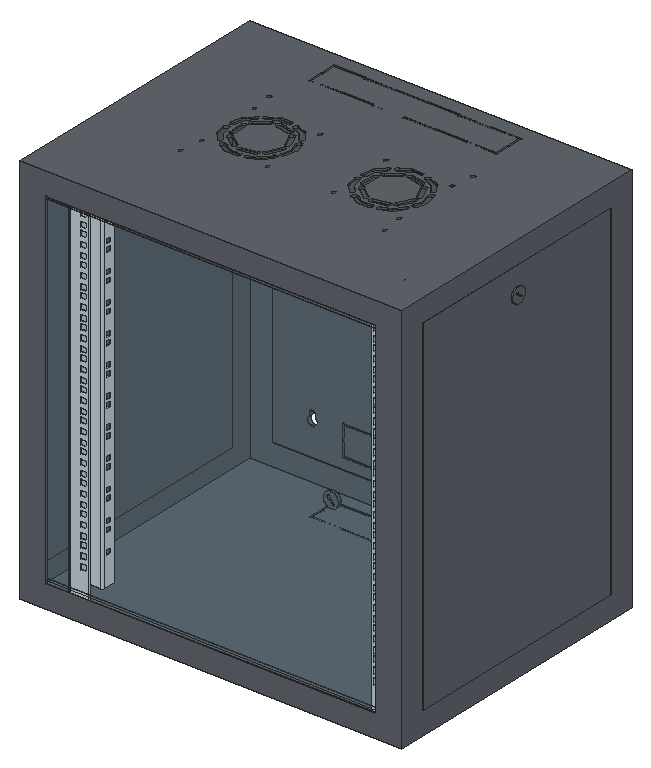
Revit family "Legrand Linkeo coffrets fixes avec panneaux latéraux amovilbles", category Equipement spécialisé, Revit 2020
Family settings
  Cote de connecteur circulaire = Utiliser le diamètre
  Type d'élément = Normal
  Numéro OmniClass = 23.80.30.11.17
  Titre OmniClass = Distribution Boards and Control Panels
  Basée sur le plan de construction = Non
  Toujours verticalement = Oui
  Couper avec des vides une fois chargée = Non
  Partagée = Oui
  Point de calcul de pièce = Non
Parameters (values of type "Coffret fixe Legrand Linkeo 12U W600 D450 Flatpack 646252.rfa")
  Type de montage = "Frontal"
  Type d'aération = "Passif"
  Référence Legrand = "646252"
  RAL = "7016"
  Passage utile en largeur (mm) = 527.00 mm
  Passage utile en hauteur (mm) = 555.00 mm
  Nombre de portes = "1"
  Nombre d'unités en hauteur = 12
  Modèle = "Corps fixe"
  Matériau = "Acier"
  Lien e-catalogue = "https://www.legrand.fr/reference/646252/pro"
  Libellé BIM = "Coffret fixe Legrand Linkeo 12U W600 D450 Flatpack 646252.rfa"
  Indice de protection IP = "IP20"
  Indice de protection IK = "IK08"
  Profondeur (mm) = 458.00 mm
  Largeur (mm) = 608.00 mm
  Hauteur (mm) = 625.00 mm
  Fonction = "Coffrets fixes Linkeo Legrand"
  Fixation Y = 419.00 mm
  Fixation X = 400.00 mm
  Finition du rail profilé = "En forme de L"
  Finition de surface = "Poudré"
  Epaisseur (mm) = 1.50 mm
  Emplacement de rack = 40.00 mm
  Elévation par défaut = 0.00 mm
  EAN = "3414970968036"
  Démontable = yes
  Dimension modulaire = "IDS_482.6_MM_19_POUCES"
  Couleur = IDS_GRIS
  Classe d'application = "Coffrets Legrand"
  Capacité de charge max = "36"
  Avec tôle de toit = yes
  Avec porte frontale = yes
  Avec parois latérales = yes
  Avec mise à la terre = yes
Reference planes
  plane 1 "Centre (avant/arrière)": y = 4
  plane 2: z = 0
  plane 3 "Centre (gauche/droite)": x = 0
  plane 4: x = 608
  plane 5: z = 625
  plane 6: y = -454
  plane 7: x = 40.5
  plane 8: x = 567.5
  plane 9: x = 304
  plane 10: z = 590
  plane 11: z = 35
  plane 12: z = 312.5
  plane 13: y = -452
  plane 14: x = 304
  plane 15: y = -444.5
  plane 16: y = 455.094
  plane 17: x = 1428.928
  plane 18: z = -485.313
  plane 19: x = 2466.566
  plane 20: z = 312.5
  plane 21: x = 302.5
  plane 22: z = 103
  plane 23: z = 522
  plane 24: x = 504
  plane 25: x = 104
  plane 26: x = 304
  plane 27: y = -414
  plane 28: x = 528
  plane 29: y = -412.5
  plane 30: x = 559.5
  plane 31: x = 561
  plane 32: y = -373.5
  plane 33: y = -372
  plane 34: x = 537.5
  plane 35: x = 539
  plane 36: y = -352
  plane 37: z = 46.65
  plane 38: z = 56.15
  plane 39: x = 531.5
  plane 40: x = 541
  plane 41: z = 78.4
  plane 42: z = 87.9
  plane 43: y = -358.486
  plane 44: y = -367.986
  plane 45: z = 72.03
  plane 46: z = 62.53
  plane 47: x = 77
  plane 48: y = -412.5
  plane 49: y = -373.5
  plane 50: y = -372
  plane 51: x = 67.5
  plane 52: x = 66
  plane 53: y = -352
  plane 54: z = 40
  plane 55: z = 590
  plane 56: z = 312.5
  plane 57: y = -454
  plane 58: y = -36
  plane 59: z = 35
  plane 60: y = -414
  plane 61 "Panneaux gauche": y = -410.5
  plane 62 "Panneaux droit": y = -39.5
  plane 63 "Panneaux haut": z = 588
  plane 64: z = 548
  plane 65: z = 548
  plane 66: y = -225
  plane 67: y = -225
  plane 68: y = -221
Forms (mm)
  Extrusion 1, solid, material "IDS_GRIS" <- "Couleur"
    sketch origin (0, 0, 0) x (0, 1, 0) y (0, 0, 1)
      loop
        line (-454, 0) -> (4, 0) -> (4, 625) -> (-454, 625) -> (-454, 0)
    from 0 to 608
  Extrusion 2, void
    sketch origin (0, 4, 0) x (1, 0, 0) y (0, 0, 1)
      loop
        line (2, 623) -> (2, 2) -> (606, 2) -> (606, 623) -> (2, 623)
    from 2 to 456
  Extrusion 3, void
    sketch origin (0, 4, 0) x (1, 0, 0) y (0, 0, 1)
      loop
        line (40.5, 590) -> (40.5, 35) -> (567.5, 35) -> (567.5, 590) -> (40.5, 590)
    from 0 to 458
  Extrusion 4, solid, material "Verre"
    sketch origin (0, 4, 0) x (1, 0, 0) y (0, 0, 1)
      loop
        line (40.5, 40) -> (567.5, 40) -> (567.5, 585) -> (40.5, 585) -> (40.5, 40)
    from 453 to 458
  Extrusion 5, solid, material "IDS_GRIS" <- "Couleur"
    sketch origin (0, 4, 0) x (1, 0, 0) y (0, 0, 1)
      loop
        line (40.5, 584.5) -> (40.5, 40) -> (567.5, 40) -> (567.5, 584.5) -> (40.5, 584.5)
    from 0 to 5
  Extrusion 6, void
    sketch origin (-365.695, -1524, 625) x (0, -1, 0) y (-1, 0, 0)
      loop
        line (-1350.513, -534.853) -> (-1358.354, -549.371)
        arc (-1358.354, -549.371) -> (-1358.749, -550.408) -> (-1358.863, -551.511) r 4.25
        line (-1358.863, -551.511) -> (-1358.394, -568.003)
        arc (-1358.394, -568.003) -> (-1354.026, -572.132) -> (-1349.897, -567.763) r 4.25
        line (-1349.897, -567.763) -> (-1350.334, -552.408) -> (-1343.033, -538.89)
        arc (-1343.033, -538.89) -> (-1344.755, -533.132) -> (-1350.513, -534.853) r 4.25
      loop
        line (-1354.904, -582.413) -> (-1348.443, -597.593)
        arc (-1348.443, -597.593) -> (-1347.879, -598.55) -> (-1347.086, -599.327) r 4.25
        line (-1347.086, -599.327) -> (-1333.9, -609.243)
        arc (-1333.9, -609.243) -> (-1327.948, -608.402) -> (-1328.79, -602.45) r 4.25
        line (-1328.79, -602.45) -> (-1341.067, -593.218) -> (-1347.082, -579.087)
        arc (-1347.082, -579.087) -> (-1352.657, -576.837) -> (-1354.904, -582.413) r 4.25
      loop
        line (-1346.169, -561.222) -> (-1341.018, -583.429)
        arc (-1341.018, -583.429) -> (-1335.919, -586.613) -> (-1332.738, -581.512) r 4.25
        line (-1332.738, -581.512) -> (-1337.889, -559.301)
        arc (-1337.889, -559.301) -> (-1342.989, -556.121) -> (-1346.169, -561.222) r 4.25
      loop
        line (-1331.58, -595.457) -> (-1311.006, -605.276)
        arc (-1311.006, -605.276) -> (-1305.336, -603.272) -> (-1307.347, -597.604) r 4.25
        line (-1307.347, -597.604) -> (-1327.918, -587.786)
        arc (-1327.918, -587.786) -> (-1333.585, -589.791) -> (-1331.58, -595.457) r 4.25
      loop
        line (-1303.383, -611.418) -> (-1318.185, -607.309)
        arc (-1318.185, -607.309) -> (-1323.416, -610.266) -> (-1320.461, -615.498) r 4.25
        line (-1320.461, -615.498) -> (-1304.557, -619.913)
        arc (-1304.557, -619.913) -> (-1303.461, -620.067) -> (-1302.362, -619.933) r 4.25
        line (-1302.362, -619.933) -> (-1286.384, -615.805)
        arc (-1286.384, -615.805) -> (-1283.332, -610.627) -> (-1288.51, -607.575) r 4.25
        line (-1288.51, -607.575) -> (-1303.383, -611.418)
      loop
        line (-1295.717, -605.396) -> (-1275.215, -595.434)
        arc (-1275.215, -595.434) -> (-1273.245, -589.752) -> (-1278.93, -587.789) r 4.25
        line (-1278.93, -587.789) -> (-1299.432, -597.751)
        arc (-1299.432, -597.751) -> (-1301.397, -603.431) -> (-1295.717, -605.396) r 4.25
      loop
        line (-1258.363, -597.811) -> (-1251.63, -582.747)
        arc (-1251.63, -582.747) -> (-1253.777, -577.132) -> (-1259.391, -579.283) r 4.25
        line (-1259.391, -579.283) -> (-1265.658, -593.302) -> (-1278.099, -602.313)
        arc (-1278.099, -602.313) -> (-1279.048, -608.248) -> (-1273.113, -609.197) r 4.25
        line (-1273.113, -609.197) -> (-1259.754, -599.522)
        arc (-1259.754, -599.522) -> (-1258.946, -598.758) -> (-1258.363, -597.811) r 4.25
      loop
        line (-1265.586, -583.55) -> (-1260.592, -561.312)
        arc (-1260.592, -561.312) -> (-1263.806, -556.231) -> (-1268.885, -559.448) r 4.25
        line (-1268.885, -559.448) -> (-1273.88, -581.692)
        arc (-1273.88, -581.692) -> (-1270.662, -586.771) -> (-1265.586, -583.55) r 4.25
      loop
        line (-1256.301, -552.513) -> (-1257.013, -567.863)
        arc (-1257.013, -567.863) -> (-1252.962, -572.301) -> (-1248.522, -568.252) r 4.25
        line (-1248.522, -568.252) -> (-1247.757, -551.774)
        arc (-1247.757, -551.774) -> (-1247.85, -550.666) -> (-1248.227, -549.621) r 4.25
        line (-1248.227, -549.621) -> (-1255.806, -534.964)
        arc (-1255.806, -534.964) -> (-1261.536, -533.142) -> (-1263.354, -538.873) r 4.25
        line (-1263.354, -538.873) -> (-1256.301, -552.513)
      loop
        line (-1263.875, -546.382) -> (-1278.15, -528.609)
        arc (-1278.15, -528.609) -> (-1284.127, -527.949) -> (-1284.782, -533.927) r 4.25
        line (-1284.782, -533.927) -> (-1270.506, -551.699)
        arc (-1270.506, -551.699) -> (-1264.532, -552.357) -> (-1263.875, -546.382) r 4.25
      loop
        line (-1265.201, -523.497) -> (-1277.606, -512.626)
        arc (-1277.606, -512.626) -> (-1278.527, -512.009) -> (-1279.576, -511.652) r 4.25
        line (-1279.576, -511.652) -> (-1295.774, -508.436)
        arc (-1295.774, -508.436) -> (-1300.766, -511.785) -> (-1297.416, -516.776) r 4.25
        line (-1297.416, -516.776) -> (-1282.356, -519.766) -> (-1270.803, -529.89)
        arc (-1270.803, -529.89) -> (-1264.806, -529.494) -> (-1265.201, -523.497) r 4.25
      loop
        line (-1310.597, -508.634) -> (-1326.831, -511.555)
        arc (-1326.831, -511.555) -> (-1327.888, -511.892) -> (-1328.821, -512.492) r 4.25
        line (-1328.821, -512.492) -> (-1341.424, -523.142)
        arc (-1341.424, -523.142) -> (-1341.927, -529.131) -> (-1335.938, -529.634) r 4.25
        line (-1335.938, -529.634) -> (-1324.205, -519.719) -> (-1309.084, -516.998)
        arc (-1309.084, -516.998) -> (-1305.657, -512.059) -> (-1310.597, -508.634) r 4.25
      loop
        line (-1291.875, -521.865) -> (-1314.672, -521.944)
        arc (-1314.672, -521.944) -> (-1318.91, -526.21) -> (-1314.64, -530.444) r 4.25
        line (-1314.64, -530.444) -> (-1291.846, -530.365)
        arc (-1291.846, -530.365) -> (-1287.611, -526.1) -> (-1291.875, -521.865) r 4.25
      loop
        line (-1328.501, -528.473) -> (-1342.652, -546.345)
        arc (-1342.652, -546.345) -> (-1341.958, -552.316) -> (-1335.988, -551.622) r 4.25
        line (-1335.988, -551.622) -> (-1321.835, -533.747)
        arc (-1321.835, -533.747) -> (-1322.53, -527.775) -> (-1328.501, -528.473) r 4.25
      loop
        line (-1248.227, -759.621) -> (-1255.806, -744.964)
        arc (-1255.806, -744.964) -> (-1261.535, -743.142) -> (-1263.354, -748.873) r 4.25
        line (-1263.354, -748.873) -> (-1256.301, -762.513) -> (-1257.013, -777.862)
        arc (-1257.013, -777.862) -> (-1252.962, -782.301) -> (-1248.522, -778.252) r 4.25
        line (-1248.522, -778.252) -> (-1247.757, -761.774)
        arc (-1247.757, -761.774) -> (-1247.85, -760.666) -> (-1248.227, -759.621) r 4.25
      loop
        line (-1258.363, -807.811) -> (-1251.63, -792.747)
        arc (-1251.63, -792.747) -> (-1253.777, -787.132) -> (-1259.391, -789.283) r 4.25
        line (-1259.391, -789.283) -> (-1265.658, -803.302) -> (-1278.099, -812.313)
        arc (-1278.099, -812.313) -> (-1279.048, -818.248) -> (-1273.113, -819.197) r 4.25
        line (-1273.113, -819.197) -> (-1259.75, -809.519)
        arc (-1259.75, -809.519) -> (-1258.944, -808.756) -> (-1258.363, -807.811) r 4.25
      loop
        line (-1288.506, -817.574) -> (-1303.383, -821.418) -> (-1318.185, -817.309)
        arc (-1318.185, -817.309) -> (-1323.416, -820.264) -> (-1320.464, -825.498) r 4.25
        line (-1320.464, -825.498) -> (-1304.567, -829.911)
        arc (-1304.567, -829.911) -> (-1303.467, -830.067) -> (-1302.365, -829.934) r 4.25
        line (-1302.365, -829.934) -> (-1286.38, -825.804)
        arc (-1286.38, -825.804) -> (-1283.332, -820.627) -> (-1288.506, -817.574) r 4.25
      loop
        line (-1328.79, -812.45) -> (-1341.067, -803.218) -> (-1347.082, -789.087)
        arc (-1347.082, -789.087) -> (-1352.657, -786.837) -> (-1354.904, -792.413) r 4.25
        line (-1354.904, -792.413) -> (-1348.442, -807.595)
        arc (-1348.442, -807.595) -> (-1347.878, -808.55) -> (-1347.086, -809.327) r 4.25
        line (-1347.086, -809.327) -> (-1333.898, -819.244)
        arc (-1333.898, -819.244) -> (-1327.947, -818.401) -> (-1328.79, -812.45) r 4.25
      loop
        line (-1353.399, -777.863) -> (-1353.663, -768.573) -> (-1343.034, -748.892)
        arc (-1343.034, -748.892) -> (-1344.753, -743.134) -> (-1350.511, -744.85) r 4.25
        line (-1350.511, -744.85) -> (-1358.355, -759.373)
        arc (-1358.355, -759.373) -> (-1358.749, -760.409) -> (-1358.863, -761.511) r 4.25
        line (-1358.863, -761.511) -> (-1358.394, -778.002)
        arc (-1358.394, -778.002) -> (-1355.827, -780.431) -> (-1353.399, -777.863) r 2.498
      loop
        line (-1335.935, -739.632) -> (-1324.205, -729.719) -> (-1309.086, -726.999)
        arc (-1309.086, -726.999) -> (-1305.656, -722.064) -> (-1310.589, -718.632) r 4.25
        line (-1310.589, -718.632) -> (-1326.828, -721.554)
        arc (-1326.828, -721.554) -> (-1327.886, -721.891) -> (-1328.821, -722.492) r 4.25
        line (-1328.821, -722.492) -> (-1341.422, -733.14)
        arc (-1341.422, -733.14) -> (-1341.927, -739.131) -> (-1335.935, -739.632) r 4.25
      loop
        line (-1297.423, -726.774) -> (-1282.356, -729.766) -> (-1270.8, -739.892)
        arc (-1270.8, -739.892) -> (-1264.805, -739.493) -> (-1265.201, -733.497) r 4.25
        line (-1265.201, -733.497) -> (-1277.608, -722.625)
        arc (-1277.608, -722.625) -> (-1278.53, -722.008) -> (-1279.581, -721.651) r 4.25
        line (-1279.581, -721.651) -> (-1295.768, -718.437)
        arc (-1295.768, -718.437) -> (-1300.764, -721.778) -> (-1297.423, -726.774) r 4.25
      loop
        line (-1284.782, -743.927) -> (-1270.506, -761.7)
        arc (-1270.506, -761.7) -> (-1264.532, -762.357) -> (-1263.875, -756.382) r 4.25
        line (-1263.875, -756.382) -> (-1278.152, -738.607)
        arc (-1278.152, -738.607) -> (-1284.128, -737.95) -> (-1284.782, -743.927) r 4.25
      loop
        line (-1268.885, -769.449) -> (-1273.88, -791.692)
        arc (-1273.88, -791.692) -> (-1270.662, -796.771) -> (-1265.586, -793.55) r 4.25
        line (-1265.586, -793.55) -> (-1260.591, -771.312)
        arc (-1260.591, -771.312) -> (-1263.806, -766.231) -> (-1268.885, -769.449) r 4.25
      loop
        line (-1278.93, -797.789) -> (-1299.438, -807.754)
        arc (-1299.438, -807.754) -> (-1301.396, -813.434) -> (-1295.717, -815.396) r 4.25
        line (-1295.717, -815.396) -> (-1275.21, -805.432)
        arc (-1275.21, -805.432) -> (-1273.246, -799.749) -> (-1278.93, -797.789) r 4.25
      loop
        line (-1291.875, -731.865) -> (-1314.671, -731.944)
        arc (-1314.671, -731.944) -> (-1318.91, -736.209) -> (-1314.641, -740.444) r 4.25
        line (-1314.641, -740.444) -> (-1291.846, -740.365)
        arc (-1291.846, -740.365) -> (-1287.611, -736.1) -> (-1291.875, -731.865) r 4.25
      loop
        line (-1328.502, -738.474) -> (-1342.652, -756.345)
        arc (-1342.652, -756.345) -> (-1341.958, -762.316) -> (-1335.988, -761.622) r 4.25
        line (-1335.988, -761.622) -> (-1321.835, -743.746)
        arc (-1321.835, -743.746) -> (-1322.531, -737.775) -> (-1328.502, -738.474) r 4.25
      loop
        line (-1346.169, -771.222) -> (-1341.019, -793.428)
        arc (-1341.019, -793.428) -> (-1335.92, -796.613) -> (-1332.738, -791.512) r 4.25
        line (-1332.738, -791.512) -> (-1337.889, -769.301)
        arc (-1337.889, -769.301) -> (-1342.989, -766.121) -> (-1346.169, -771.222) r 4.25
      loop
        line (-1331.58, -805.457) -> (-1311.005, -815.277)
        arc (-1311.005, -815.277) -> (-1305.337, -813.274) -> (-1307.342, -807.607) r 4.25
        line (-1307.342, -807.607) -> (-1327.912, -797.789)
        arc (-1327.912, -797.789) -> (-1333.583, -799.788) -> (-1331.58, -805.457) r 4.25
      loop
        circle (-1391.328, -505.695) r 2.75
      loop
        circle (-1355.83, -510.693) r 2.75
      loop
        circle (-1250.829, -510.693) r 2.75
      loop
        circle (-1215.328, -505.695) r 2.75
      loop
        circle (-1250.828, -615.695) r 2.75
      loop
        circle (-1355.828, -615.695) r 2.75
      loop
        circle (-1355.83, -720.693) r 2.75
      loop
        circle (-1250.828, -720.695) r 2.75
      loop
        circle (-1250.828, -825.695) r 2.75
      loop
        circle (-1215.328, -830.695) r 2.75
      loop
        circle (-1355.828, -825.695) r 2.75
      loop
        circle (-1391.328, -830.695) r 2.75
    from 0 to 2
  Extrusion 7, void
    sketch origin (0, 4, 625) x (1, 0, 0) y (0, -1, 0)
      loop
        line (152.5, 24) -> (201.75, 24) -> (201.75, 27) -> (155.5, 27) -> (155.5, 48.25) -> (152.5, 48.25) -> (152.5, 24)
      loop
        line (452.5, 49.75) -> (452.5, 74) -> (403.25, 74) -> (403.25, 71) -> (449.5, 71) -> (449.5, 49.75) -> (452.5, 49.75)
      loop
        line (403.25, 24) -> (452.5, 24) -> (452.5, 48.25) -> (449.5, 48.25) -> (449.5, 27) -> (403.25, 27) -> (403.25, 24)
      loop
        line (203.25, 71) -> (251.75, 71) -> (251.75, 74) -> (203.25, 74) -> (203.25, 71)
      loop
        line (152.5, 49.75) -> (155.5, 49.75) -> (155.5, 71) -> (201.75, 71) -> (201.75, 74) -> (152.5, 74) -> (152.5, 49.75)
      loop
        line (253.25, 74) -> (253.25, 71) -> (301.75, 71) -> (301.75, 74) -> (253.25, 74)
      loop
        line (351.75, 71) -> (351.75, 74) -> (303.25, 74) -> (303.25, 71) -> (351.75, 71)
      loop
        line (353.25, 74) -> (353.25, 71) -> (401.75, 71) -> (401.75, 74) -> (353.25, 74)
      loop
        line (351.75, 27) -> (303.25, 27) -> (303.25, 24) -> (351.75, 24) -> (351.75, 27)
      loop
        line (353.25, 27) -> (353.25, 24) -> (401.75, 24) -> (401.75, 27) -> (353.25, 27)
      loop
        line (251.75, 27) -> (203.25, 27) -> (203.25, 24) -> (251.75, 24) -> (251.75, 27)
      loop
        line (253.25, 27) -> (253.25, 24) -> (301.75, 24) -> (301.75, 27) -> (253.25, 27)
    from 0 to 2
  Extrusion 8, void
    sketch origin (0, -150, 0) x (1, 0, 0) y (0, 1, 0)
      loop
        line (154, 130) -> (154, 105.75) -> (157, 105.75) -> (157, 127) -> (203.25, 127) -> (203.25, 130) -> (154, 130)
      loop
        line (454, 104.25) -> (451, 104.25) -> (451, 83) -> (404.75, 83) -> (404.75, 80) -> (454, 80) -> (454, 104.25)
      loop
        line (404.75, 130) -> (404.75, 127) -> (451, 127) -> (451, 105.75) -> (454, 105.75) -> (454, 130) -> (404.75, 130)
      loop
        line (204.75, 83) -> (204.75, 80) -> (253.25, 80) -> (253.25, 83) -> (204.75, 83)
      loop
        line (154, 104.25) -> (154, 80) -> (203.25, 80) -> (203.25, 83) -> (157, 83) -> (157, 104.25) -> (154, 104.25)
      loop
        line (254.75, 80) -> (303.25, 80) -> (303.25, 83) -> (254.75, 83) -> (254.75, 80)
      loop
        line (353.25, 83) -> (304.75, 83) -> (304.75, 80) -> (353.25, 80) -> (353.25, 83)
      loop
        line (354.75, 80) -> (403.25, 80) -> (403.25, 83) -> (354.75, 83) -> (354.75, 80)
      loop
        line (353.25, 127) -> (353.25, 130) -> (304.75, 130) -> (304.75, 127) -> (353.25, 127)
      loop
        line (354.75, 127) -> (403.25, 127) -> (403.25, 130) -> (354.75, 130) -> (354.75, 127)
      loop
        line (253.25, 127) -> (253.25, 130) -> (204.75, 130) -> (204.75, 127) -> (253.25, 127)
      loop
        line (254.75, 127) -> (303.25, 127) -> (303.25, 130) -> (254.75, 130) -> (254.75, 127)
    from 0 to 2
  Extrusion 9, void
    sketch origin (0, 4, 0) x (1, 0, 0) y (0, 0, 1)
      loop
        line (108.251, 516.931) -> (108.251, 522)
        arc (108.251, 522) -> (104, 526.251) -> (99.749, 522) r 4.251
        line (99.749, 522) -> (99.749, 516.931)
        arc (99.749, 516.931) -> (104, 503.252) -> (108.251, 516.931) r 7.5
      loop
        line (508.251, 516.931) -> (508.251, 522)
        arc (508.251, 522) -> (504, 526.251) -> (499.749, 522) r 4.251
        line (499.749, 522) -> (499.749, 516.931)
        arc (499.749, 516.931) -> (504, 503.252) -> (508.251, 516.931) r 7.5
    from -12.009 to 5
  Extrusion 10, solid
    sketch origin (606, 4, 2) x (-1, 0, 0) y (0, -1, 0)
      loop
        line (78, 416.5) -> (78, 418) -> (48, 418)
        arc (48, 418) -> (45.879, 417.121) -> (45, 415) r 3
        line (45, 415) -> (45, 379)
        arc (45, 379) -> (45.879, 376.879) -> (48, 376) r 3
        line (48, 376) -> (65.5, 376)
        arc (65.5, 376) -> (66.561, 375.561) -> (67, 374.5) r 1.5
        line (67, 374.5) -> (67, 356) -> (68.5, 356) -> (68.5, 374.5)
        arc (68.5, 374.5) -> (67.621, 376.621) -> (65.5, 377.5) r 3
        line (65.5, 377.5) -> (48, 377.5)
        arc (48, 377.5) -> (46.939, 377.939) -> (46.5, 379) r 1.5
        line (46.5, 379) -> (46.5, 415)
        arc (46.5, 415) -> (46.939, 416.061) -> (48, 416.5) r 1.5
        line (48, 416.5) -> (78, 416.5)
    from 0 to 621
  Extrusion 11, void
    sketch origin (528, -414, 2) x (-1, 0, 0) y (0, 0, 1)
      loop
        line (-3.5, 44.65) -> (-3.5, 54.15) -> (-13, 54.15) -> (-13, 44.65) -> (-3.5, 44.65)
      loop
        line (-3.5, 76.4) -> (-3.5, 85.9) -> (-13, 85.9) -> (-13, 76.4) -> (-3.5, 76.4)
    from 0 to 1.5
  Extrusion 12, void
    sketch origin (528, -414, 2) x (-1, 0, 0) y (0, 0, 1)
      loop
        line (-3.5, 60.53) -> (-3.5, 70.03) -> (-13, 70.03) -> (-13, 60.53) -> (-3.5, 60.53)
    from 0 to 1.5
  Extrusion 13, solid
    sketch origin (16.243, 4, 2) x (1, 0, 0) y (0, 1, 0)
      loop
        line (60.757, -416.5) -> (30.757, -416.5)
        arc (30.757, -416.5) -> (29.697, -416.061) -> (29.257, -415) r 1.5
        line (29.257, -415) -> (29.257, -379)
        arc (29.257, -379) -> (29.697, -377.939) -> (30.757, -377.5) r 1.5
        line (30.757, -377.5) -> (48.257, -377.5)
        arc (48.257, -377.5) -> (50.379, -376.621) -> (51.257, -374.5) r 3
        line (51.257, -374.5) -> (51.257, -356) -> (49.757, -356) -> (49.757, -374.5)
        arc (49.757, -374.5) -> (49.318, -375.561) -> (48.257, -376) r 1.5
        line (48.257, -376) -> (30.757, -376)
        arc (30.757, -376) -> (28.636, -376.879) -> (27.757, -379) r 3
        line (27.757, -379) -> (27.757, -415)
        arc (27.757, -415) -> (28.636, -417.121) -> (30.757, -418) r 3
        line (30.757, -418) -> (60.757, -418) -> (60.757, -416.5)
    from 0 to 621
  Extrusion 14, void, not visible
    sketch origin (0, 4, 94.83) x (0, 0, -1) y (1, 0, 0)
      loop
        line (-56.37, 452.5) -> (-80.62, 452.5) -> (-80.62, 449.5) -> (-59.37, 449.5) -> (-59.37, 403.25) -> (-56.37, 403.25) -> (-56.37, 452.5)
      loop
        line (-106.37, 403.25) -> (-103.37, 403.25) -> (-103.37, 449.5) -> (-82.12, 449.5) -> (-82.12, 452.5) -> (-106.37, 452.5) -> (-106.37, 403.25)
      loop
        line (-106.37, 401.75) -> (-106.37, 353.25) -> (-103.37, 353.25) -> (-103.37, 401.75) -> (-106.37, 401.75)
      loop
        line (-106.37, 351.75) -> (-106.37, 303.25) -> (-103.37, 303.25) -> (-103.37, 351.75) -> (-106.37, 351.75)
      loop
        line (-106.37, 301.75) -> (-106.37, 253.25) -> (-103.37, 253.25) -> (-103.37, 301.75) -> (-106.37, 301.75)
      loop
        line (-106.37, 251.75) -> (-106.37, 203.25) -> (-103.37, 203.25) -> (-103.37, 251.75) -> (-106.37, 251.75)
      loop
        line (-106.37, 201.75) -> (-106.37, 152.5) -> (-82.12, 152.5) -> (-82.12, 155.5) -> (-103.37, 155.5) -> (-103.37, 201.75) -> (-106.37, 201.75)
      loop
        line (-80.62, 152.5) -> (-56.37, 152.5) -> (-56.37, 201.75) -> (-59.37, 201.75) -> (-59.37, 155.5) -> (-80.62, 155.5) -> (-80.62, 152.5)
      loop
        line (-56.37, 203.25) -> (-56.37, 251.75) -> (-59.37, 251.75) -> (-59.37, 203.25) -> (-56.37, 203.25)
      loop
        line (-56.37, 253.25) -> (-56.37, 301.75) -> (-59.37, 301.75) -> (-59.37, 253.25) -> (-56.37, 253.25)
      loop
        line (-56.37, 351.75) -> (-59.37, 351.75) -> (-59.37, 303.25) -> (-56.37, 303.25) -> (-56.37, 351.75)
      loop
        line (-56.37, 353.25) -> (-56.37, 401.75) -> (-59.37, 401.75) -> (-59.37, 353.25) -> (-56.37, 353.25)
    from 0 to 5
  Extrusion 15, void
    sketch origin (0, 4, -152) x (1, 0, 0) y (0, 0, 1)
      loop
        line (108.251, 249.931) -> (108.251, 255)
        arc (108.251, 255) -> (104, 259.251) -> (99.749, 255) r 4.251
        line (99.749, 255) -> (99.749, 249.931)
        arc (99.749, 249.931) -> (104, 236.252) -> (108.251, 249.931) r 7.5
      loop
        line (508.251, 249.931) -> (508.251, 255)
        arc (508.251, 255) -> (504, 259.251) -> (499.749, 255) r 4.251
        line (499.749, 255) -> (499.749, 249.931)
        arc (499.749, 249.931) -> (504, 236.252) -> (508.251, 249.931) r 7.5
    from -12.009 to 5
  Extrusion 16, void
    sketch origin (60.5, -414, 2) x (-1, 0, 0) y (0, 0, 1)
      loop
        line (-3.5, 44.65) -> (-3.5, 54.15) -> (-13, 54.15) -> (-13, 44.65) -> (-3.5, 44.65)
      loop
        line (-3.5, 76.4) -> (-3.5, 85.9) -> (-13, 85.9) -> (-13, 76.4) -> (-3.5, 76.4)
    from 0 to 1.5
  Extrusion 17, void
    sketch origin (60.5, -414, 2) x (-1, 0, 0) y (0, 0, 1)
      loop
        line (-3.5, 60.53) -> (-3.5, 70.03) -> (-13, 70.03) -> (-13, 60.53) -> (-3.5, 60.53)
    from 0 to 1.5
  Extrusion 18, void, not visible
    sketch origin (528, -414, 2) x (-1, 0, 0) y (0, 0, 1)
      loop
        line (-3.5, 44.65) -> (-3.5, 54.15) -> (-13, 54.15) -> (-13, 44.65) -> (-3.5, 44.65)
      loop
        line (-3.5, 76.4) -> (-3.5, 85.9) -> (-13, 85.9) -> (-13, 76.4) -> (-3.5, 76.4)
    from 0 to 1.5
  Extrusion 19, void, not visible
    sketch origin (528, -414, 2) x (-1, 0, 0) y (0, 0, 1)
      loop
        line (-3.5, 60.53) -> (-3.5, 70.03) -> (-13, 70.03) -> (-13, 60.53) -> (-3.5, 60.53)
    from 0 to 1.5
  Extrusion 20, void
    sketch origin (528, -414, 46.45) x (-1, 0, 0) y (0, 0, 1)
      loop
        line (-3.5, 44.65) -> (-3.5, 54.15) -> (-13, 54.15) -> (-13, 44.65) -> (-3.5, 44.65)
      loop
        line (-3.5, 76.4) -> (-3.5, 85.9) -> (-13, 85.9) -> (-13, 76.4) -> (-3.5, 76.4)
    from 0 to 1.5
  Extrusion 21, void
    sketch origin (528, -414, 46.45) x (-1, 0, 0) y (0, 0, 1)
      loop
        line (-3.5, 60.53) -> (-3.5, 70.03) -> (-13, 70.03) -> (-13, 60.53) -> (-3.5, 60.53)
    from 0 to 1.5
  Extrusion 22, void
    sketch origin (60.5, -414, 46.45) x (-1, 0, 0) y (0, 0, 1)
      loop
        line (-3.5, 44.65) -> (-3.5, 54.15) -> (-13, 54.15) -> (-13, 44.65) -> (-3.5, 44.65)
      loop
        line (-3.5, 76.4) -> (-3.5, 85.9) -> (-13, 85.9) -> (-13, 76.4) -> (-3.5, 76.4)
    from 0 to 1.5
  Extrusion 23, void
    sketch origin (60.5, -414, 46.45) x (-1, 0, 0) y (0, 0, 1)
      loop
        line (-3.5, 60.53) -> (-3.5, 70.03) -> (-13, 70.03) -> (-13, 60.53) -> (-3.5, 60.53)
    from 0 to 1.5
  Extrusion 24, void
    sketch origin (528, -414, 90.9) x (-1, 0, 0) y (0, 0, 1)
      loop
        line (-3.5, 44.65) -> (-3.5, 54.15) -> (-13, 54.15) -> (-13, 44.65) -> (-3.5, 44.65)
      loop
        line (-3.5, 76.4) -> (-3.5, 85.9) -> (-13, 85.9) -> (-13, 76.4) -> (-3.5, 76.4)
    from 0 to 1.5
  Extrusion 25, void
    sketch origin (528, -414, 90.9) x (-1, 0, 0) y (0, 0, 1)
      loop
        line (-3.5, 60.53) -> (-3.5, 70.03) -> (-13, 70.03) -> (-13, 60.53) -> (-3.5, 60.53)
    from 0 to 1.5
  Extrusion 26, void
    sketch origin (60.5, -414, 90.9) x (-1, 0, 0) y (0, 0, 1)
      loop
        line (-3.5, 44.65) -> (-3.5, 54.15) -> (-13, 54.15) -> (-13, 44.65) -> (-3.5, 44.65)
      loop
        line (-3.5, 76.4) -> (-3.5, 85.9) -> (-13, 85.9) -> (-13, 76.4) -> (-3.5, 76.4)
    from 0 to 1.5
  Extrusion 27, void
    sketch origin (60.5, -414, 90.9) x (-1, 0, 0) y (0, 0, 1)
      loop
        line (-3.5, 60.53) -> (-3.5, 70.03) -> (-13, 70.03) -> (-13, 60.53) -> (-3.5, 60.53)
    from 0 to 1.5
  Extrusion 28, void
    sketch origin (528, -414, 135.35) x (-1, 0, 0) y (0, 0, 1)
      loop
        line (-3.5, 44.65) -> (-3.5, 54.15) -> (-13, 54.15) -> (-13, 44.65) -> (-3.5, 44.65)
      loop
        line (-3.5, 76.4) -> (-3.5, 85.9) -> (-13, 85.9) -> (-13, 76.4) -> (-3.5, 76.4)
    from 0 to 1.5
  Extrusion 29, void
    sketch origin (528, -414, 135.35) x (-1, 0, 0) y (0, 0, 1)
      loop
        line (-3.5, 60.53) -> (-3.5, 70.03) -> (-13, 70.03) -> (-13, 60.53) -> (-3.5, 60.53)
    from 0 to 1.5
  Extrusion 30, void
    sketch origin (60.5, -414, 135.35) x (-1, 0, 0) y (0, 0, 1)
      loop
        line (-3.5, 44.65) -> (-3.5, 54.15) -> (-13, 54.15) -> (-13, 44.65) -> (-3.5, 44.65)
      loop
        line (-3.5, 76.4) -> (-3.5, 85.9) -> (-13, 85.9) -> (-13, 76.4) -> (-3.5, 76.4)
    from 0 to 1.5
  Extrusion 31, void
    sketch origin (60.5, -414, 135.35) x (-1, 0, 0) y (0, 0, 1)
      loop
        line (-3.5, 60.53) -> (-3.5, 70.03) -> (-13, 70.03) -> (-13, 60.53) -> (-3.5, 60.53)
    from 0 to 1.5
  Extrusion 32, void
    sketch origin (528, -414, 179.8) x (-1, 0, 0) y (0, 0, 1)
      loop
        line (-3.5, 44.65) -> (-3.5, 54.15) -> (-13, 54.15) -> (-13, 44.65) -> (-3.5, 44.65)
      loop
        line (-3.5, 76.4) -> (-3.5, 85.9) -> (-13, 85.9) -> (-13, 76.4) -> (-3.5, 76.4)
    from 0 to 1.5
  Extrusion 33, void
    sketch origin (528, -414, 179.8) x (-1, 0, 0) y (0, 0, 1)
      loop
        line (-3.5, 60.53) -> (-3.5, 70.03) -> (-13, 70.03) -> (-13, 60.53) -> (-3.5, 60.53)
    from 0 to 1.5
  Extrusion 34, void
    sketch origin (60.5, -414, 179.8) x (-1, 0, 0) y (0, 0, 1)
      loop
        line (-3.5, 44.65) -> (-3.5, 54.15) -> (-13, 54.15) -> (-13, 44.65) -> (-3.5, 44.65)
      loop
        line (-3.5, 76.4) -> (-3.5, 85.9) -> (-13, 85.9) -> (-13, 76.4) -> (-3.5, 76.4)
    from 0 to 1.5
  Extrusion 35, void
    sketch origin (60.5, -414, 179.8) x (-1, 0, 0) y (0, 0, 1)
      loop
        line (-3.5, 60.53) -> (-3.5, 70.03) -> (-13, 70.03) -> (-13, 60.53) -> (-3.5, 60.53)
    from 0 to 1.5
  Extrusion 36, void
    sketch origin (528, -414, 224.25) x (-1, 0, 0) y (0, 0, 1)
      loop
        line (-3.5, 44.65) -> (-3.5, 54.15) -> (-13, 54.15) -> (-13, 44.65) -> (-3.5, 44.65)
      loop
        line (-3.5, 76.4) -> (-3.5, 85.9) -> (-13, 85.9) -> (-13, 76.4) -> (-3.5, 76.4)
    from 0 to 1.5
  Extrusion 37, void
    sketch origin (528, -414, 224.25) x (-1, 0, 0) y (0, 0, 1)
      loop
        line (-3.5, 60.53) -> (-3.5, 70.03) -> (-13, 70.03) -> (-13, 60.53) -> (-3.5, 60.53)
    from 0 to 1.5
  Extrusion 38, void
    sketch origin (60.5, -414, 224.25) x (-1, 0, 0) y (0, 0, 1)
      loop
        line (-3.5, 44.65) -> (-3.5, 54.15) -> (-13, 54.15) -> (-13, 44.65) -> (-3.5, 44.65)
      loop
        line (-3.5, 76.4) -> (-3.5, 85.9) -> (-13, 85.9) -> (-13, 76.4) -> (-3.5, 76.4)
    from 0 to 1.5
  Extrusion 39, void
    sketch origin (60.5, -414, 224.25) x (-1, 0, 0) y (0, 0, 1)
      loop
        line (-3.5, 60.53) -> (-3.5, 70.03) -> (-13, 70.03) -> (-13, 60.53) -> (-3.5, 60.53)
    from 0 to 1.5
  Extrusion 40, void
    sketch origin (0, 0, 0) x (0, 1, 0) y (0, 0, 1)
      loop
        line (-367.986, 87.9) -> (-367.986, 78.4) -> (-358.486, 78.4) -> (-358.486, 87.9) -> (-367.986, 87.9)
    from 539 to 66
  Extrusion 41, void
    sketch origin (0, 0, -31.75) x (0, 1, 0) y (0, 0, 1)
      loop
        line (-367.986, 87.9) -> (-367.986, 78.4) -> (-358.486, 78.4) -> (-358.486, 87.9) -> (-367.986, 87.9)
    from 539 to 66
  Extrusion 42, void
    sketch origin (0, 0, 44.45) x (0, 1, 0) y (0, 0, 1)
      loop
        line (-367.986, 87.9) -> (-367.986, 78.4) -> (-358.486, 78.4) -> (-358.486, 87.9) -> (-367.986, 87.9)
    from 539 to 66
  Extrusion 43, void
    sketch origin (0, 0, 12.7) x (0, 1, 0) y (0, 0, 1)
      loop
        line (-367.986, 87.9) -> (-367.986, 78.4) -> (-358.486, 78.4) -> (-358.486, 87.9) -> (-367.986, 87.9)
    from 539 to 66
  Extrusion 44, void
    sketch origin (0, 0, 88.9) x (0, 1, 0) y (0, 0, 1)
      loop
        line (-367.986, 87.9) -> (-367.986, 78.4) -> (-358.486, 78.4) -> (-358.486, 87.9) -> (-367.986, 87.9)
    from 539 to 66
  Extrusion 45, void
    sketch origin (0, 0, 57.15) x (0, 1, 0) y (0, 0, 1)
      loop
        line (-367.986, 87.9) -> (-367.986, 78.4) -> (-358.486, 78.4) -> (-358.486, 87.9) -> (-367.986, 87.9)
    from 539 to 66
  Extrusion 46, void
    sketch origin (0, 0, 133.35) x (0, 1, 0) y (0, 0, 1)
      loop
        line (-367.986, 87.9) -> (-367.986, 78.4) -> (-358.486, 78.4) -> (-358.486, 87.9) -> (-367.986, 87.9)
    from 539 to 66
  Extrusion 47, void
    sketch origin (0, 0, 101.6) x (0, 1, 0) y (0, 0, 1)
      loop
        line (-367.986, 87.9) -> (-367.986, 78.4) -> (-358.486, 78.4) -> (-358.486, 87.9) -> (-367.986, 87.9)
    from 539 to 66
  Extrusion 48, void
    sketch origin (0, 0, 177.8) x (0, 1, 0) y (0, 0, 1)
      loop
        line (-367.986, 87.9) -> (-367.986, 78.4) -> (-358.486, 78.4) -> (-358.486, 87.9) -> (-367.986, 87.9)
    from 539 to 66
  Extrusion 49, void
    sketch origin (0, 0, 146.05) x (0, 1, 0) y (0, 0, 1)
      loop
        line (-367.986, 87.9) -> (-367.986, 78.4) -> (-358.486, 78.4) -> (-358.486, 87.9) -> (-367.986, 87.9)
    from 539 to 66
  Extrusion 50, void
    sketch origin (0, 0, 222.25) x (0, 1, 0) y (0, 0, 1)
      loop
        line (-367.986, 87.9) -> (-367.986, 78.4) -> (-358.486, 78.4) -> (-358.486, 87.9) -> (-367.986, 87.9)
    from 539 to 66
  Extrusion 51, void
    sketch origin (0, 0, 190.5) x (0, 1, 0) y (0, 0, 1)
      loop
        line (-367.986, 87.9) -> (-367.986, 78.4) -> (-358.486, 78.4) -> (-358.486, 87.9) -> (-367.986, 87.9)
    from 539 to 66
  Extrusion 52, void
    sketch origin (0, 4, 0) x (0, 0, -1) y (1, 0, 0)
      loop
        line (-56.37, 452.5) -> (-80.62, 452.5) -> (-80.62, 449.5) -> (-59.37, 449.5) -> (-59.37, 403.25) -> (-56.37, 403.25) -> (-56.37, 452.5)
      loop
        line (-106.37, 403.25) -> (-103.37, 403.25) -> (-103.37, 449.5) -> (-82.12, 449.5) -> (-82.12, 452.5) -> (-106.37, 452.5) -> (-106.37, 403.25)
      loop
        line (-106.37, 401.75) -> (-106.37, 353.25) -> (-103.37, 353.25) -> (-103.37, 401.75) -> (-106.37, 401.75)
      loop
        line (-106.37, 351.75) -> (-106.37, 303.25) -> (-103.37, 303.25) -> (-103.37, 351.75) -> (-106.37, 351.75)
      loop
        line (-106.37, 301.75) -> (-106.37, 253.25) -> (-103.37, 253.25) -> (-103.37, 301.75) -> (-106.37, 301.75)
      loop
        line (-106.37, 251.75) -> (-106.37, 203.25) -> (-103.37, 203.25) -> (-103.37, 251.75) -> (-106.37, 251.75)
      loop
        line (-106.37, 201.75) -> (-106.37, 152.5) -> (-82.12, 152.5) -> (-82.12, 155.5) -> (-103.37, 155.5) -> (-103.37, 201.75) -> (-106.37, 201.75)
      loop
        line (-80.62, 152.5) -> (-56.37, 152.5) -> (-56.37, 201.75) -> (-59.37, 201.75) -> (-59.37, 155.5) -> (-80.62, 155.5) -> (-80.62, 152.5)
      loop
        line (-56.37, 203.25) -> (-56.37, 251.75) -> (-59.37, 251.75) -> (-59.37, 203.25) -> (-56.37, 203.25)
      loop
        line (-56.37, 253.25) -> (-56.37, 301.75) -> (-59.37, 301.75) -> (-59.37, 253.25) -> (-56.37, 253.25)
      loop
        line (-56.37, 351.75) -> (-59.37, 351.75) -> (-59.37, 303.25) -> (-56.37, 303.25) -> (-56.37, 351.75)
      loop
        line (-56.37, 353.25) -> (-56.37, 401.75) -> (-59.37, 401.75) -> (-59.37, 353.25) -> (-56.37, 353.25)
    from 0 to 5
  Extrusion 53, solid, material "IDS_GRIS"
    sketch origin (-146.117, -446.068, -159.029) x (1, 0, 0) y (0, 0, 1)
      loop
        circle (638.746, 471.529) r 12
    from 0 to 4
  Extrusion 54, void
    sketch origin (-145.497, -450.068, -159.194) x (-1, 0, 0) y (0, 0, 1)
      loop
        line (-631.856, 476.03) -> (-633.789, 477.963) -> (-644.395, 467.357) -> (-642.463, 465.424) -> (-631.856, 476.03)
    from 0 to 2
  Extrusion 55, solid, material "IDS_GRIS", not visible
    sketch origin (50.552, -446.068, -159.029) x (1, 0, 0) y (0, 0, 1)
      loop
        circle (638.746, 471.529) r 12
    from 0 to 4
  Extrusion 56, void, not visible
    sketch origin (51.172, -450.068, -159.194) x (-1, 0, 0) y (0, 0, 1)
      loop
        line (-631.856, 476.03) -> (-633.789, 477.963) -> (-644.395, 467.357) -> (-642.463, 465.424) -> (-631.856, 476.03)
    from 0 to 2
  Extrusion 57, void
    sketch origin (0, 0, 0) x (0, 1, 0) y (0, 0, 1)
      loop
        line (-414, 35) -> (-36, 35) -> (-36, 590) -> (-414, 590) -> (-414, 35)
    from 0 to 608
  Extrusion 58, solid, material "IDS_GRIS" <- "Couleur"
    sketch origin (0, 0, 0) x (0, 1, 0) y (0, 0, 1)
      loop
        line (-410.5, 35) -> (-39.5, 35) -> (-39.5, 588) -> (-410.5, 588) -> (-410.5, 35)
    from 0 to 5
  Extrusion 59, solid, material "IDS_GRIS" <- "Couleur"
    sketch origin (608, -1989, -280.87) x (0, 0, -1) y (0, -1, 0)
      loop
        line (-315.87, -1578.5) -> (-868.87, -1578.5) -> (-868.87, -1949.5) -> (-315.87, -1949.5) -> (-315.87, -1578.5)
    from 0 to 5
  Extrusion 60, solid, material "IDS_GRIS" <- "Couleur", not visible
    sketch origin (0, 411.746, -178.488) x (0, -1, 0) y (0, 0, 1)
      loop
        circle (638.746, 471.529) r 12
    from 0 to 4
  Extrusion 61, void, not visible
    sketch origin (-4, 411.126, -178.653) x (0, 1, 0) y (0, 0, 1)
      loop
        line (-631.856, 476.03) -> (-633.789, 477.963) -> (-644.395, 467.357) -> (-642.463, 465.424) -> (-631.856, 476.03)
    from 0 to 2
  Extrusion 62, solid, material "IDS_GRIS" <- "Couleur"
    sketch origin (0, 413.746, 76.471) x (0, -1, 0) y (0, 0, 1)
      loop
        circle (638.746, 471.529) r 12
    from 0 to 4
  Extrusion 63, void
    sketch origin (-4, 413.126, 76.306) x (0, 1, 0) y (0, 0, 1)
      loop
        line (-631.856, 476.03) -> (-633.789, 477.963) -> (-644.395, 467.357) -> (-642.463, 465.424) -> (-631.856, 476.03)
    from 0 to 2
  Extrusion 64, solid, material "IDS_GRIS" <- "Couleur"
    sketch origin (608, -863.746, 76.471) x (0, 1, 0) y (0, 0, 1)
      loop
        circle (638.746, 471.529) r 12
    from 0 to 4
  Extrusion 65, void
    sketch origin (612, -863.126, 76.306) x (0, -1, 0) y (0, 0, 1)
      loop
        line (-631.856, 476.03) -> (-633.789, 477.963) -> (-644.395, 467.357) -> (-642.463, 465.424) -> (-631.856, 476.03)
    from 0 to 2
  Extrusion 66, solid, material "IDS_GRIS" <- "Couleur", not visible
    sketch origin (661, -865.746, -189.529) x (0, 1, 0) y (0, 0, 1)
      loop
        circle (638.746, 471.529) r 12
    from 0 to 4
  Extrusion 67, void, not visible
    sketch origin (665, -865.126, -189.694) x (0, -1, 0) y (0, 0, 1)
      loop
        line (-631.856, 476.03) -> (-633.789, 477.963) -> (-644.395, 467.357) -> (-642.463, 465.424) -> (-631.856, 476.03)
    from 0 to 2
  Extrusion 68, void, not visible
    sketch origin (-365.695, -1649.078, 625) x (0, -1, 0) y (-1, 0, 0)
      loop
        line (-1350.513, -534.853) -> (-1358.354, -549.371)
        arc (-1358.354, -549.371) -> (-1358.749, -550.408) -> (-1358.863, -551.511) r 4.25
        line (-1358.863, -551.511) -> (-1358.394, -568.003)
        arc (-1358.394, -568.003) -> (-1354.026, -572.132) -> (-1349.897, -567.763) r 4.25
        line (-1349.897, -567.763) -> (-1350.334, -552.408) -> (-1343.033, -538.89)
        arc (-1343.033, -538.89) -> (-1344.755, -533.132) -> (-1350.513, -534.853) r 4.25
      loop
        line (-1354.904, -582.413) -> (-1348.443, -597.593)
        arc (-1348.443, -597.593) -> (-1347.879, -598.55) -> (-1347.086, -599.327) r 4.25
        line (-1347.086, -599.327) -> (-1333.9, -609.243)
        arc (-1333.9, -609.243) -> (-1327.948, -608.402) -> (-1328.79, -602.45) r 4.25
        line (-1328.79, -602.45) -> (-1341.067, -593.218) -> (-1347.082, -579.087)
        arc (-1347.082, -579.087) -> (-1352.657, -576.837) -> (-1354.904, -582.413) r 4.25
      loop
        line (-1346.169, -561.222) -> (-1341.018, -583.429)
        arc (-1341.018, -583.429) -> (-1335.919, -586.613) -> (-1332.738, -581.512) r 4.25
        line (-1332.738, -581.512) -> (-1337.889, -559.301)
        arc (-1337.889, -559.301) -> (-1342.989, -556.121) -> (-1346.169, -561.222) r 4.25
      loop
        line (-1331.58, -595.457) -> (-1311.006, -605.276)
        arc (-1311.006, -605.276) -> (-1305.336, -603.272) -> (-1307.347, -597.604) r 4.25
        line (-1307.347, -597.604) -> (-1327.918, -587.786)
        arc (-1327.918, -587.786) -> (-1333.585, -589.791) -> (-1331.58, -595.457) r 4.25
      loop
        line (-1303.383, -611.418) -> (-1318.185, -607.309)
        arc (-1318.185, -607.309) -> (-1323.416, -610.266) -> (-1320.461, -615.498) r 4.25
        line (-1320.461, -615.498) -> (-1304.557, -619.913)
        arc (-1304.557, -619.913) -> (-1303.461, -620.067) -> (-1302.362, -619.933) r 4.25
        line (-1302.362, -619.933) -> (-1286.384, -615.805)
        arc (-1286.384, -615.805) -> (-1283.332, -610.627) -> (-1288.51, -607.575) r 4.25
        line (-1288.51, -607.575) -> (-1303.383, -611.418)
      loop
        line (-1295.717, -605.396) -> (-1275.215, -595.434)
        arc (-1275.215, -595.434) -> (-1273.245, -589.752) -> (-1278.93, -587.789) r 4.25
        line (-1278.93, -587.789) -> (-1299.432, -597.751)
        arc (-1299.432, -597.751) -> (-1301.397, -603.431) -> (-1295.717, -605.396) r 4.25
      loop
        line (-1258.363, -597.811) -> (-1251.63, -582.747)
        arc (-1251.63, -582.747) -> (-1253.777, -577.132) -> (-1259.391, -579.283) r 4.25
        line (-1259.391, -579.283) -> (-1265.658, -593.302) -> (-1278.099, -602.313)
        arc (-1278.099, -602.313) -> (-1279.048, -608.248) -> (-1273.113, -609.197) r 4.25
        line (-1273.113, -609.197) -> (-1259.754, -599.522)
        arc (-1259.754, -599.522) -> (-1258.946, -598.758) -> (-1258.363, -597.811) r 4.25
      loop
        line (-1265.586, -583.55) -> (-1260.592, -561.312)
        arc (-1260.592, -561.312) -> (-1263.806, -556.231) -> (-1268.885, -559.448) r 4.25
        line (-1268.885, -559.448) -> (-1273.88, -581.692)
        arc (-1273.88, -581.692) -> (-1270.662, -586.771) -> (-1265.586, -583.55) r 4.25
      loop
        line (-1256.301, -552.513) -> (-1257.013, -567.863)
        arc (-1257.013, -567.863) -> (-1252.962, -572.301) -> (-1248.522, -568.252) r 4.25
        line (-1248.522, -568.252) -> (-1247.757, -551.774)
        arc (-1247.757, -551.774) -> (-1247.85, -550.666) -> (-1248.227, -549.621) r 4.25
        line (-1248.227, -549.621) -> (-1255.806, -534.964)
        arc (-1255.806, -534.964) -> (-1261.536, -533.142) -> (-1263.354, -538.873) r 4.25
        line (-1263.354, -538.873) -> (-1256.301, -552.513)
      loop
        line (-1263.875, -546.382) -> (-1278.15, -528.609)
        arc (-1278.15, -528.609) -> (-1284.127, -527.949) -> (-1284.782, -533.927) r 4.25
        line (-1284.782, -533.927) -> (-1270.506, -551.699)
        arc (-1270.506, -551.699) -> (-1264.532, -552.357) -> (-1263.875, -546.382) r 4.25
      loop
        line (-1265.201, -523.497) -> (-1277.606, -512.626)
        arc (-1277.606, -512.626) -> (-1278.527, -512.009) -> (-1279.576, -511.652) r 4.25
        line (-1279.576, -511.652) -> (-1295.774, -508.436)
        arc (-1295.774, -508.436) -> (-1300.766, -511.785) -> (-1297.416, -516.776) r 4.25
        line (-1297.416, -516.776) -> (-1282.356, -519.766) -> (-1270.803, -529.89)
        arc (-1270.803, -529.89) -> (-1264.806, -529.494) -> (-1265.201, -523.497) r 4.25
      loop
        line (-1310.597, -508.634) -> (-1326.831, -511.555)
        arc (-1326.831, -511.555) -> (-1327.888, -511.892) -> (-1328.821, -512.492) r 4.25
        line (-1328.821, -512.492) -> (-1341.424, -523.142)
        arc (-1341.424, -523.142) -> (-1341.927, -529.131) -> (-1335.938, -529.634) r 4.25
        line (-1335.938, -529.634) -> (-1324.205, -519.719) -> (-1309.084, -516.998)
        arc (-1309.084, -516.998) -> (-1305.657, -512.059) -> (-1310.597, -508.634) r 4.25
      loop
        line (-1291.875, -521.865) -> (-1314.672, -521.944)
        arc (-1314.672, -521.944) -> (-1318.91, -526.21) -> (-1314.64, -530.444) r 4.25
        line (-1314.64, -530.444) -> (-1291.846, -530.365)
        arc (-1291.846, -530.365) -> (-1287.611, -526.1) -> (-1291.875, -521.865) r 4.25
      loop
        line (-1328.501, -528.473) -> (-1342.652, -546.345)
        arc (-1342.652, -546.345) -> (-1341.958, -552.316) -> (-1335.988, -551.622) r 4.25
        line (-1335.988, -551.622) -> (-1321.835, -533.747)
        arc (-1321.835, -533.747) -> (-1322.53, -527.775) -> (-1328.501, -528.473) r 4.25
      loop
        line (-1248.227, -759.621) -> (-1255.806, -744.964)
        arc (-1255.806, -744.964) -> (-1261.535, -743.142) -> (-1263.354, -748.873) r 4.25
        line (-1263.354, -748.873) -> (-1256.301, -762.513) -> (-1257.013, -777.862)
        arc (-1257.013, -777.862) -> (-1252.962, -782.301) -> (-1248.522, -778.252) r 4.25
        line (-1248.522, -778.252) -> (-1247.757, -761.774)
        arc (-1247.757, -761.774) -> (-1247.85, -760.666) -> (-1248.227, -759.621) r 4.25
      loop
        line (-1258.363, -807.811) -> (-1251.63, -792.747)
        arc (-1251.63, -792.747) -> (-1253.777, -787.132) -> (-1259.391, -789.283) r 4.25
        line (-1259.391, -789.283) -> (-1265.658, -803.302) -> (-1278.099, -812.313)
        arc (-1278.099, -812.313) -> (-1279.048, -818.248) -> (-1273.113, -819.197) r 4.25
        line (-1273.113, -819.197) -> (-1259.75, -809.519)
        arc (-1259.75, -809.519) -> (-1258.944, -808.756) -> (-1258.363, -807.811) r 4.25
      loop
        line (-1288.506, -817.574) -> (-1303.383, -821.418) -> (-1318.185, -817.309)
        arc (-1318.185, -817.309) -> (-1323.416, -820.264) -> (-1320.464, -825.498) r 4.25
        line (-1320.464, -825.498) -> (-1304.567, -829.911)
        arc (-1304.567, -829.911) -> (-1303.467, -830.067) -> (-1302.365, -829.934) r 4.25
        line (-1302.365, -829.934) -> (-1286.38, -825.804)
        arc (-1286.38, -825.804) -> (-1283.332, -820.627) -> (-1288.506, -817.574) r 4.25
      loop
        line (-1328.79, -812.45) -> (-1341.067, -803.218) -> (-1347.082, -789.087)
        arc (-1347.082, -789.087) -> (-1352.657, -786.837) -> (-1354.904, -792.413) r 4.25
        line (-1354.904, -792.413) -> (-1348.442, -807.595)
        arc (-1348.442, -807.595) -> (-1347.878, -808.55) -> (-1347.086, -809.327) r 4.25
        line (-1347.086, -809.327) -> (-1333.898, -819.244)
        arc (-1333.898, -819.244) -> (-1327.947, -818.401) -> (-1328.79, -812.45) r 4.25
      loop
        line (-1353.399, -777.863) -> (-1353.663, -768.573) -> (-1343.034, -748.892)
        arc (-1343.034, -748.892) -> (-1344.753, -743.134) -> (-1350.511, -744.85) r 4.25
        line (-1350.511, -744.85) -> (-1358.355, -759.373)
        arc (-1358.355, -759.373) -> (-1358.749, -760.409) -> (-1358.863, -761.511) r 4.25
        line (-1358.863, -761.511) -> (-1358.394, -778.002)
        arc (-1358.394, -778.002) -> (-1355.827, -780.431) -> (-1353.399, -777.863) r 2.498
      loop
        line (-1335.935, -739.632) -> (-1324.205, -729.719) -> (-1309.086, -726.999)
        arc (-1309.086, -726.999) -> (-1305.656, -722.064) -> (-1310.589, -718.632) r 4.25
        line (-1310.589, -718.632) -> (-1326.828, -721.554)
        arc (-1326.828, -721.554) -> (-1327.886, -721.891) -> (-1328.821, -722.492) r 4.25
        line (-1328.821, -722.492) -> (-1341.422, -733.14)
        arc (-1341.422, -733.14) -> (-1341.927, -739.131) -> (-1335.935, -739.632) r 4.25
      loop
        line (-1297.423, -726.774) -> (-1282.356, -729.766) -> (-1270.8, -739.892)
        arc (-1270.8, -739.892) -> (-1264.805, -739.493) -> (-1265.201, -733.497) r 4.25
        line (-1265.201, -733.497) -> (-1277.608, -722.625)
        arc (-1277.608, -722.625) -> (-1278.53, -722.008) -> (-1279.581, -721.651) r 4.25
        line (-1279.581, -721.651) -> (-1295.768, -718.437)
        arc (-1295.768, -718.437) -> (-1300.764, -721.778) -> (-1297.423, -726.774) r 4.25
      loop
        line (-1284.782, -743.927) -> (-1270.506, -761.7)
        arc (-1270.506, -761.7) -> (-1264.532, -762.357) -> (-1263.875, -756.382) r 4.25
        line (-1263.875, -756.382) -> (-1278.152, -738.607)
        arc (-1278.152, -738.607) -> (-1284.128, -737.95) -> (-1284.782, -743.927) r 4.25
      loop
        line (-1268.885, -769.449) -> (-1273.88, -791.692)
        arc (-1273.88, -791.692) -> (-1270.662, -796.771) -> (-1265.586, -793.55) r 4.25
        line (-1265.586, -793.55) -> (-1260.591, -771.312)
        arc (-1260.591, -771.312) -> (-1263.806, -766.231) -> (-1268.885, -769.449) r 4.25
      loop
        line (-1278.93, -797.789) -> (-1299.438, -807.754)
        arc (-1299.438, -807.754) -> (-1301.396, -813.434) -> (-1295.717, -815.396) r 4.25
        line (-1295.717, -815.396) -> (-1275.21, -805.432)
        arc (-1275.21, -805.432) -> (-1273.246, -799.749) -> (-1278.93, -797.789) r 4.25
      loop
        line (-1291.875, -731.865) -> (-1314.671, -731.944)
        arc (-1314.671, -731.944) -> (-1318.91, -736.209) -> (-1314.641, -740.444) r 4.25
        line (-1314.641, -740.444) -> (-1291.846, -740.365)
        arc (-1291.846, -740.365) -> (-1287.611, -736.1) -> (-1291.875, -731.865) r 4.25
      loop
        line (-1328.502, -738.474) -> (-1342.652, -756.345)
        arc (-1342.652, -756.345) -> (-1341.958, -762.316) -> (-1335.988, -761.622) r 4.25
        line (-1335.988, -761.622) -> (-1321.835, -743.746)
        arc (-1321.835, -743.746) -> (-1322.531, -737.775) -> (-1328.502, -738.474) r 4.25
      loop
        line (-1346.169, -771.222) -> (-1341.019, -793.428)
        arc (-1341.019, -793.428) -> (-1335.92, -796.613) -> (-1332.738, -791.512) r 4.25
        line (-1332.738, -791.512) -> (-1337.889, -769.301)
        arc (-1337.889, -769.301) -> (-1342.989, -766.121) -> (-1346.169, -771.222) r 4.25
      loop
        line (-1331.58, -805.457) -> (-1311.005, -815.277)
        arc (-1311.005, -815.277) -> (-1305.337, -813.274) -> (-1307.342, -807.607) r 4.25
        line (-1307.342, -807.607) -> (-1327.912, -797.789)
        arc (-1327.912, -797.789) -> (-1333.583, -799.788) -> (-1331.58, -805.457) r 4.25
      loop
        circle (-1391.328, -505.695) r 2.75
      loop
        circle (-1355.83, -510.693) r 2.75
      loop
        circle (-1250.829, -510.693) r 2.75
      loop
        circle (-1215.328, -505.695) r 2.75
      loop
        circle (-1250.828, -615.695) r 2.75
      loop
        circle (-1355.828, -615.695) r 2.75
      loop
        circle (-1355.83, -720.693) r 2.75
      loop
        circle (-1250.828, -720.695) r 2.75
      loop
        circle (-1250.828, -825.695) r 2.75
      loop
        circle (-1215.328, -830.695) r 2.75
      loop
        circle (-1355.828, -825.695) r 2.75
      loop
        circle (-1391.328, -830.695) r 2.75
    from 0 to 2
  Extrusion 69, void
    sketch origin (528, -414, 268.7) x (-1, 0, 0) y (0, 0, 1)
      loop
        line (-3.5, 44.65) -> (-3.5, 54.15) -> (-13, 54.15) -> (-13, 44.65) -> (-3.5, 44.65)
      loop
        line (-3.5, 76.4) -> (-3.5, 85.9) -> (-13, 85.9) -> (-13, 76.4) -> (-3.5, 76.4)
    from 0 to 1.5
  Extrusion 70, void
    sketch origin (528, -414, 268.7) x (-1, 0, 0) y (0, 0, 1)
      loop
        line (-3.5, 60.53) -> (-3.5, 70.03) -> (-13, 70.03) -> (-13, 60.53) -> (-3.5, 60.53)
    from 0 to 1.5
  Extrusion 71, void
    sketch origin (60.5, -414, 268.7) x (-1, 0, 0) y (0, 0, 1)
      loop
        line (-3.5, 44.65) -> (-3.5, 54.15) -> (-13, 54.15) -> (-13, 44.65) -> (-3.5, 44.65)
      loop
        line (-3.5, 76.4) -> (-3.5, 85.9) -> (-13, 85.9) -> (-13, 76.4) -> (-3.5, 76.4)
    from 0 to 1.5
  Extrusion 72, void
    sketch origin (60.5, -414, 268.7) x (-1, 0, 0) y (0, 0, 1)
      loop
        line (-3.5, 60.53) -> (-3.5, 70.03) -> (-13, 70.03) -> (-13, 60.53) -> (-3.5, 60.53)
    from 0 to 1.5
  Extrusion 73, void
    sketch origin (528, -414, 313.15) x (-1, 0, 0) y (0, 0, 1)
      loop
        line (-3.5, 44.65) -> (-3.5, 54.15) -> (-13, 54.15) -> (-13, 44.65) -> (-3.5, 44.65)
      loop
        line (-3.5, 76.4) -> (-3.5, 85.9) -> (-13, 85.9) -> (-13, 76.4) -> (-3.5, 76.4)
    from 0 to 1.5
  Extrusion 74, void
    sketch origin (528, -414, 313.15) x (-1, 0, 0) y (0, 0, 1)
      loop
        line (-3.5, 60.53) -> (-3.5, 70.03) -> (-13, 70.03) -> (-13, 60.53) -> (-3.5, 60.53)
    from 0 to 1.5
  Extrusion 75, void
    sketch origin (60.5, -414, 313.15) x (-1, 0, 0) y (0, 0, 1)
      loop
        line (-3.5, 44.65) -> (-3.5, 54.15) -> (-13, 54.15) -> (-13, 44.65) -> (-3.5, 44.65)
      loop
        line (-3.5, 76.4) -> (-3.5, 85.9) -> (-13, 85.9) -> (-13, 76.4) -> (-3.5, 76.4)
    from 0 to 1.5
  Extrusion 76, void
    sketch origin (60.5, -414, 313.15) x (-1, 0, 0) y (0, 0, 1)
      loop
        line (-3.5, 60.53) -> (-3.5, 70.03) -> (-13, 70.03) -> (-13, 60.53) -> (-3.5, 60.53)
    from 0 to 1.5
  Extrusion 77, void
    sketch origin (528, -414, 357.6) x (-1, 0, 0) y (0, 0, 1)
      loop
        line (-3.5, 44.65) -> (-3.5, 54.15) -> (-13, 54.15) -> (-13, 44.65) -> (-3.5, 44.65)
      loop
        line (-3.5, 76.4) -> (-3.5, 85.9) -> (-13, 85.9) -> (-13, 76.4) -> (-3.5, 76.4)
    from 0 to 1.5
  Extrusion 78, void
    sketch origin (528, -414, 357.6) x (-1, 0, 0) y (0, 0, 1)
      loop
        line (-3.5, 60.53) -> (-3.5, 70.03) -> (-13, 70.03) -> (-13, 60.53) -> (-3.5, 60.53)
    from 0 to 1.5
  Extrusion 79, void
    sketch origin (60.5, -414, 357.6) x (-1, 0, 0) y (0, 0, 1)
      loop
        line (-3.5, 44.65) -> (-3.5, 54.15) -> (-13, 54.15) -> (-13, 44.65) -> (-3.5, 44.65)
      loop
        line (-3.5, 76.4) -> (-3.5, 85.9) -> (-13, 85.9) -> (-13, 76.4) -> (-3.5, 76.4)
    from 0 to 1.5
  Extrusion 80, void
    sketch origin (60.5, -414, 357.6) x (-1, 0, 0) y (0, 0, 1)
      loop
        line (-3.5, 60.53) -> (-3.5, 70.03) -> (-13, 70.03) -> (-13, 60.53) -> (-3.5, 60.53)
    from 0 to 1.5
  Extrusion 81, void
    sketch origin (0, 0, 266.7) x (0, 1, 0) y (0, 0, 1)
      loop
        line (-367.986, 87.9) -> (-367.986, 78.4) -> (-358.486, 78.4) -> (-358.486, 87.9) -> (-367.986, 87.9)
    from 539 to 66
  Extrusion 82, void
    sketch origin (0, 0, 234.95) x (0, 1, 0) y (0, 0, 1)
      loop
        line (-367.986, 87.9) -> (-367.986, 78.4) -> (-358.486, 78.4) -> (-358.486, 87.9) -> (-367.986, 87.9)
    from 539 to 66
  Extrusion 83, void
    sketch origin (0, 0, 311.15) x (0, 1, 0) y (0, 0, 1)
      loop
        line (-367.986, 87.9) -> (-367.986, 78.4) -> (-358.486, 78.4) -> (-358.486, 87.9) -> (-367.986, 87.9)
    from 539 to 66
  Extrusion 84, void
    sketch origin (0, 0, 279.4) x (0, 1, 0) y (0, 0, 1)
      loop
        line (-367.986, 87.9) -> (-367.986, 78.4) -> (-358.486, 78.4) -> (-358.486, 87.9) -> (-367.986, 87.9)
    from 539 to 66
  Extrusion 85, void
    sketch origin (0, 0, 355.6) x (0, 1, 0) y (0, 0, 1)
      loop
        line (-367.986, 87.9) -> (-367.986, 78.4) -> (-358.486, 78.4) -> (-358.486, 87.9) -> (-367.986, 87.9)
    from 539 to 66
  Extrusion 86, void
    sketch origin (0, 0, 323.85) x (0, 1, 0) y (0, 0, 1)
      loop
        line (-367.986, 87.9) -> (-367.986, 78.4) -> (-358.486, 78.4) -> (-358.486, 87.9) -> (-367.986, 87.9)
    from 539 to 66
  Extrusion 87, void
    sketch origin (528, -414, 402.05) x (-1, 0, 0) y (0, 0, 1)
      loop
        line (-3.5, 44.65) -> (-3.5, 54.15) -> (-13, 54.15) -> (-13, 44.65) -> (-3.5, 44.65)
